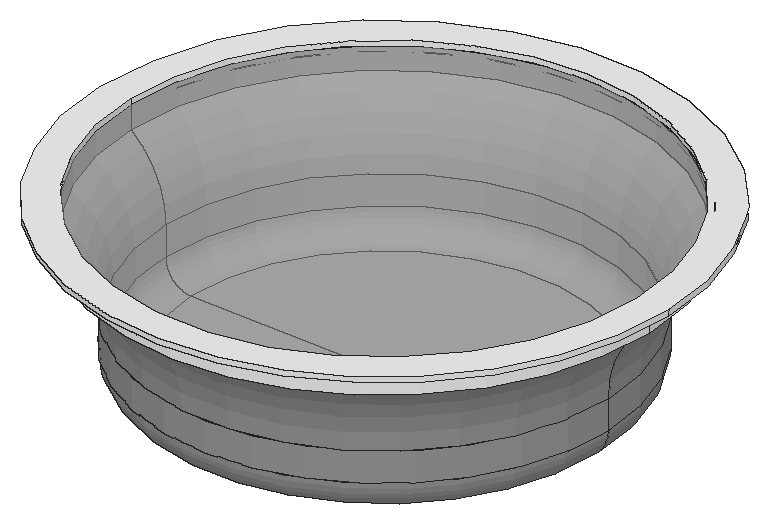
Revit family "3033942 Lighting Fixture_Sylvania_Insaver HO Topper LED II_Ceiling Recessed", category Lighting Fixtures, host Face, Revit 2017
Family settings
  Host = Face
  Round Connector Dimension = Use Diameter
  Part Type = Normal
  OmniClass Number = 23.80.70.11.17
  OmniClass Title = Specialized Lighting by Location or Use
  Cut with Voids When Loaded = No
  Light Source = Yes
  Shared = No
  Room Calculation Point = No
Parameters (values of type "Insaver HO Topper LED II 205 RO 21W WW")
  Weight = 0.6 kg
  Wattage = 21 W
  built-in parameter 1150110 = 1 (stored number, unit not read)
  Voltage Comments = "UNV (Universal Voltage; 220-240 Volt)"  # constant formula
  Voltage = 230 V  # constant formula
  URL = "http://www.sylvania-lighting.com"
  Ta Rating = "-10°C to +40°C"  # constant formula
  LOR = "100 %"
  Glow Wire Test = 650 °C  # constant formula
  Electrical Protection = "Class II"  # constant formula
  Distribution type = "Direct - Symmetrical"  # constant formula
  Accessory Marerial = Metallic Paint_Sylvania_Insaver HO Topper LED_White_RAL 9003
  built-in parameter 1114217 = 1 (stored number, unit not read)
  Tilt Angle = -90°
  built-in parameter 1150109 = 1 (stored number, unit not read)
  built-in parameter 1150134 = (empty or 0)
  built-in parameter 1150113 = 1 (stored number, unit not read)
  Product Page URL = "http://www.sylvania-lighting.com/product/en-int/products/3033942"
  Product Family = "INSAVER HO TOPPER LED II"  # constant formula
  Photometry Comments = ""
  Photometric Web File = "3033942_InsaverHOTopperLEDII205RO21WWW-194835.ies"
  Life = "50 000 h"  # constant formula
  Inner Radius = Inner Diameter / 2  # 100.0 mm
  IP Rating = "IP44"  # constant formula
  IK Rating = "IK07"  # constant formula
  Emit from Circle Diameter = Diffuser Diameter  # 196.0 mm
  Drive Current = "450 mA"
  Accessory Diameter = Diameter + 15.0 mm  # 220.0 mm
  Inner Diameter = Diameter - 5.0 mm  # 200.0 mm
  Diffuser Diameter = Diameter - 9.0 mm  # 196.0 mm
  Diameter = 205.0 mm
  Cutout Diameter = Diameter  # 205.0 mm
  CRI ( Ra ) = 80  # constant formula
  Body Material = Metallic Paint_Sylvania_Insaver HO Topper LED_White_RAL 9003
  Beam Angle = 74°  # constant formula
  Difuser Material = Polycarbonate_Sylvania_Insaver HO Topper LED_3000K
  Height = 60.0 mm
  built-in parameter 1114216 [instance] = 1 (stored number, unit not read)
  Model = "Insaver HO Topper LED II 205 RO 21W WW"
  Manufacturer = "Feilo Sylvania"  # constant formula
  built-in parameter 1150105 = 142.05 (stored number, unit not read)
  Lumens = 1785 lm
  built-in parameter 1150115 = 1 (stored number, unit not read)
  built-in parameter 1150137 = (empty or 0)
  built-in parameter 1150139 = (empty or 0)
  built-in parameter 1150112 = 1 (stored number, unit not read)
  built-in parameter 1150114 = 1 (stored number, unit not read)
  Lamp Comments = "Integrated LED"  # constant formula
  Lamp = "21W"
  built-in parameter 1150132 = 2
  built-in parameter 1150102 = (empty or 0)
  built-in parameter 1150107 = 3000 (stored number, unit not read)
  built-in parameter 1150138 = (empty or 0)
  built-in parameter 1150106 = 1.4205 (stored number, unit not read)
  Reflector Material = Metal_Sylvania_Insaver HO Topper LED
  Emit Shape Visible in Rendering = yes
  built-in parameter 1150104 = 7.8968 (stored number, unit not read)
  Dimming Lamp Color Temperature Shift = <None>
  Description = "Insaver HO Topper LED II is available in 4 different round cut out sizes: 150mm, 175mm, 205mm & 220mm Insaver HO Topper LED II 150 12W delivers a 1,134 lumen output (4,000K) - perfect for 1x26W CFL replacement Insaver HO Topper LED II 175 15W delivers a 1,480 lumen output (4,000K) - perfect for 1x32W/2x18W CFL replacement Insaver HO Topper LED II 205 21W delivers a 1,989 lumen output (4,000K) - perfect for 1x42W CFL replacement Insaver HO Topper LED II 225 25W delivers a 2,289 lumen output (4,000K)- perfect for 2x26W CFL replacement High efficacy up to 99lm/W (Insaver HO Topper LED II 175 4,000K) IP44 rating allows for installation in applicable wet zone areas Choice of 3,000K (warm white) or 4,000K (neutral white) Shallow recess depth of <65mm Can replace existing large CFL downlights using a 225mm ceiling cut out (Insaver HO Topper LED II 225) Energy efficient electronic gear including analogue 1-10V and DALI dimmable options IK07 polycarbonate diffuser allows for a wider light distribution than a reflector downlight, allowing for increased spacings between luminaires 3 hour emergency pack available (to be ordered in addition to the luminaire) Ideal for applications such as corridors, public WCs and back of house areas Quick and easy to install Loop in-Loop out facility with red push fit terminal block for quick wiring White bezel (RAL 9003) Energy Class: A++, A+, A Long lifetime: 50,000 hours life at L70 (L80: 30,000 hours, L90: 15,000 hours)"  # constant formula
  Default Elevation = 0.0 mm
  Color Filter = 16777215
  Catalog Number = "3033942 Insaver HO Topper LED II 205 RO 21W WW"
  built-in parameter 1140040 [instance] = 1
  built-in parameter 1114218 = 1 (stored number, unit not read)
  built-in parameter 1150133 = 10 (stored number, unit not read)
  Assembly Code = "D5020200"
  Apparent Load Comments = ""
  Apparent Load = 21 VA
Reference planes
  plane 1 "Center (Front/Back)": y = 0
  plane 2: z = 0
  plane 3 "Center (Left/Right)": x = 0
  plane 4 "Fixture Bottom": z = 2
  plane 5 "Fixture Top": z = -60
  plane 6 "Brace Top": z = -8.5
  plane 7 "Fixture Left": x = -110
  plane 8 "Fixture Right": x = 110
  plane 9 "Cutout Right": x = 102.5
  plane 10 "Cutout Left": x = -102.5
  plane 11: z = -2
Forms (mm)
  Extrusion 1, void
    sketch origin (0, 0, 59) x (-1, 0, 0) y (0, -1, 0)
      loop
        circle (0, 0) r 102.5
    from -119 to -57
  Extrusion 2, solid, material "Metallic Paint_Sylvania_Insaver HO Topper LED_White_RAL 9003" <- "Accessory Marerial", detail levels fine
    sketch origin (0, 0, 59) x (-1, 0, 0) y (0, -1, 0)
      loop
        circle (0, 0) r 110
      loop
        circle (0, 0) r 98
    from -59 to -57
  Extrusion 3, solid, material "Metallic Paint_Sylvania_Insaver HO Topper LED_White_RAL 9003" <- "Accessory Marerial", detail levels fine
    sketch origin (0, 0, 0) x (1, 0, 0) y (0, 1, 0)
      loop
        circle (0, 0) r 102.5
      loop
        circle (0, 0) r 100
    from -8.5 to 0
  Extrusion 4, solid, material "Polycarbonate_Sylvania_Insaver HO Topper LED_3000K" <- "Difuser Material", detail levels fine
    sketch origin (0, 0, 59) x (-1, 0, 0) y (0, -1, 0)
      loop
        circle (0, 0) r 98
    from -61 to -59
  Revolve 5, solid, material "Metal_Sylvania_Insaver HO Topper LED" <- "Reflector Material", detail levels fine
    sketch origin (0, 0, 0) x (1, 0, 0) y (0, 0, 1)
      loop
        line (-98, 0) -> (-100, 0) -> (-100, -8.5)
        arc (-100, -8.5) -> (-90.139, -21.16) -> (-86.627, -36.82) r 36.673
        line (-86.627, -36.82) -> (-86.627, -48)
        arc (-86.627, -48) -> (-83.113, -56.485) -> (-74.627, -60) r 12
        line (-74.627, -60) -> (0, -60) -> (0, -58) -> (-74.627, -58)
        arc (-74.627, -58) -> (-81.698, -55.071) -> (-84.627, -48) r 10
        line (-84.627, -48) -> (-84.627, -36.82)
        arc (-84.627, -36.82) -> (-88.139, -21.16) -> (-98, -8.5) r 36.673
        line (-98, -8.5) -> (-98, 0)
      axis (0, -60) -> (0, 0)
    angle from 0 to 360
  Revolve 6, solid, material "Metallic Paint_Sylvania_Insaver HO Topper LED_White_RAL 9003" <- "Body Material", detail levels coarse+medium
    sketch origin (0, 0, 0) x (1, 0, 0) y (0, 0, 1)
      loop
        line (-86.627, -36.82) -> (-86.627, -48)
        arc (-86.627, -48) -> (-83.113, -56.485) -> (-74.627, -60) r 12
        line (-74.627, -60) -> (0, -60) -> (0, 2) -> (-110, 2) -> (-110, 0) -> (-102.5, 0) -> (-102.5, -8.5) -> (-100, -8.5)
        arc (-100, -8.5) -> (-90.139, -21.16) -> (-86.627, -36.82) r 36.673
      axis (0, -60) -> (0, 2)
    angle from 0 to 360
Cuts and joins
  joined: Extrusion 2, Extrusion 3
Dimensions and locks
  plane 4 "Fixture Bottom" to plane 2 to plane 6 "Brace Top" = 2.0 mm locked, 8.5 mm locked
  "Height": plane 2 to plane 5 "Fixture Top"
  equal spacing: plane 8 "Fixture Right", plane 3 "Center (Left/Right)", plane 7 "Fixture Left"
  "Accessory Diameter": plane 8 "Fixture Right" to plane 7 "Fixture Left"
  equal spacing: plane 9 "Cutout Right", plane 3 "Center (Left/Right)", plane 10 "Cutout Left"
  "Diameter": plane 9 "Cutout Right" to plane 10 "Cutout Left"
  locked: Revolve 6 sketch curve to Revolve 6 sketch curve at 23.373
  locked: Revolve 6 sketch curve to plane 5 "Fixture Top" at 12
  locked: Revolve 5 sketch curve to plane 7 "Fixture Left" at 23.373
  "Cutout Diameter": diameter of Extrusion 1 sketch curve
  "Accessory Diameter": diameter of Extrusion 2 sketch curve
  "Diffuser Diameter": diameter of Extrusion 2 sketch curve
  "Diameter": diameter of Extrusion 3 sketch curve
  "Inner Diameter": diameter of Extrusion 3 sketch curve
  "Diffuser Diameter": diameter of Extrusion 4 sketch curve
  aligned and locked: plane 2 to host face
  aligned and locked: level to host face
  aligned and locked: plane 1 "Center (Front/Back)" to imposter light
  aligned and locked: Extrusion 2 to plane 2
  aligned and locked: plane 4 "Fixture Bottom" to Extrusion 2
  aligned and locked: plane 2 to Extrusion 3
  aligned and locked: plane 4 "Fixture Bottom" to Extrusion 1
  aligned and locked: Extrusion 1 to plane 5 "Fixture Top"
  aligned and locked: plane 3 "Center (Left/Right)" to imposter light
  aligned and locked: imposter light to plane 4 "Fixture Bottom"
  aligned and locked: Extrusion 3 to plane 6 "Brace Top"
  aligned and locked: level to Extrusion 4
  aligned and locked: plane 11 to Extrusion 4
  aligned and locked: imposter light to Revolve 5 sketch curve  (x2)
  aligned and locked: Revolve 5 sketch curve to plane 2
  aligned and locked: plane 6 "Brace Top" to Revolve 5 sketch curve
  aligned and locked: Revolve 6 sketch curve to imposter light
  aligned and locked: plane 2 to Revolve 6 sketch curve
  aligned and locked: plane 6 "Brace Top" to Revolve 6 sketch curve
  aligned and locked: plane 7 "Fixture Left" to Revolve 6 sketch curve
  aligned and locked: plane 10 "Cutout Left" to Revolve 6 sketch curve
  aligned and locked: Revolve 6 sketch curve to plane 5 "Fixture Top"
  aligned and locked: Revolve 5 sketch curve to plane 5 "Fixture Top"
Automatic sketch dimensions
  host sketch curve to host sketch curve = 1596.918 mm
  host sketch curve to host sketch curve = 1559.52 mm
  Revolve 6 sketch curve to plane 3 "Center (Left/Right)" = 0.0 mm  (x2)
  Revolve 6 sketch curve to Revolve 6 sketch curve = 2.5 mm
  plane 5 "Fixture Top" to Revolve 6 sketch curve = 23.18 mm
  Revolve 6 sketch curve to plane 5 "Fixture Top" = 19.048 mm
  plane 4 "Fixture Bottom" to Revolve 6 sketch curve = 5.837 mm
  Revolve 5 sketch curve to Revolve 5 sketch curve = 0.0 mm  (x2)
  Revolve 5 sketch curve to plane 6 "Brace Top" = 0.0 mm
  plane 10 "Cutout Left" to Revolve 5 sketch curve = 2.5 mm
  plane 5 "Fixture Top" to Revolve 5 sketch curve = 2.0 mm
  Revolve 5 sketch curve to Revolve 5 sketch curve = 2.0 mm  (x2)
  Revolve 5 sketch curve to Revolve 5 sketch curve = 10.0 mm
  plane 5 "Fixture Top" to Revolve 5 sketch curve = 23.18 mm
  Revolve 5 sketch curve to plane 5 "Fixture Top" = 19.048 mm
  plane 4 "Fixture Bottom" to Revolve 5 sketch curve = 5.837 mm
  plane 1 "Center (Front/Back)" to Extrusion 1 sketch curve = 0.0 mm
  Extrusion 1 sketch curve to plane 3 "Center (Left/Right)" = 0.0 mm
  Extrusion 2 sketch curve to Extrusion 2 sketch curve = 0.0 mm  (x2)
  plane 1 "Center (Front/Back)" to Extrusion 2 sketch curve = 0.0 mm
  Extrusion 2 sketch curve to plane 3 "Center (Left/Right)" = 0.0 mm
  Extrusion 3 sketch curve to Extrusion 3 sketch curve = 0.0 mm  (x2)
  plane 1 "Center (Front/Back)" to Extrusion 3 sketch curve = 0.0 mm
  Extrusion 3 sketch curve to plane 3 "Center (Left/Right)" = 0.0 mm
  plane 1 "Center (Front/Back)" to Extrusion 4 sketch curve = 0.0 mm
  Extrusion 4 sketch curve to plane 3 "Center (Left/Right)" = 0.0 mm
Connectors
  electrical at (0, 0, -60), driven by "Voltage", driven by "Apparent Load"
    settings: index 1, voltage 230 V, apparent load 0 VA, apparent load phase1 21 VA, apparent load phase2 0 VA, apparent load phase3 0 VA, power factor 1, load classification "Lighting", number of poles 1, system type 31, power factor state 1, is connector primary yes, connector utility no, sub classification motor no, connector description ""
